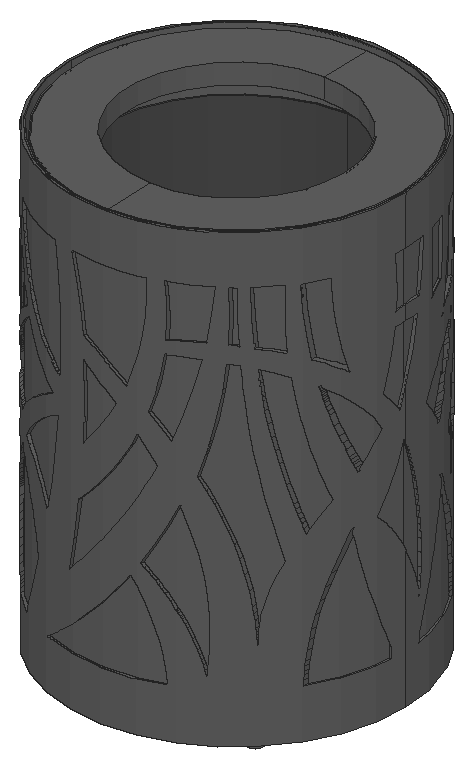
Revit family (continued)
Definition of nested family "Shell-Surface-SiteScapes-Circular-TallGrass_Large"
  Lines and regions (in)
    symbolic lines, style "Receptor Shell", detail levels medium+fine
      curve 270: arc (0, -6.06104, 24.55837) -> (0, -3.8002, 22.6978) -> (0, -1.95517, 20.42426) r 14.62877
      curve 271: spline (0, -1.95517, 20.42426) -> (0, -2.11046, 20.24852) -> (0, -2.26428, 20.07174) -> (0, -2.41664, 19.89391) -> (0, -2.5675, 19.71507) -> (0, -2.71686, 19.53523) -> (0, -2.86471, 19.3544) -> (0, -3.01102, 19.17261) -> (0, -3.15578, 18.98987) -> (0, -3.29899, 18.80619) -> (0, -3.44062, 18.62161) -> (0, -3.58066, 18.43613) -> (0, -3.71911, 18.24977)
      curve 272: arc (0, -1.95936, 22.78486) -> (0, -1.37803, 24.75465) -> (0, -1.01287, 26.77572) r 18.98605
      curve 273: arc (0, -0.59055, 21.1479) -> (0, 0.35791, 23.92515) -> (0, 1.0557, 26.77572) r 32.97728
      curve 274: arc (0, 1.0557, 26.77572) -> (0, 0.02142, 26.82495) -> (0, -1.01287, 26.77572) r 10.89015
      curve 275: arc (0, -1.95936, 22.78486) -> (0, -1.2525, 21.98516) -> (0, -0.59055, 21.1479) r 19.45801
      curve 276: arc (0, -10.74733, 5.87904) -> (0, -10.75212, 11.44733) -> (0, -11.47782, 16.96813) r 42.91636
      curve 277: arc (0, -12.20181, 12.699) -> (0, -11.3851, 9.3081) -> (0, -10.74733, 5.87904) r 66.48916
      curve 278: line (0, -12.20181, 12.699) -> (0, -11.47782, 16.96813)
      curve 279: arc (0, -6.86937, 4.95965) -> (0, -6.15229, 9.95509) -> (0, -4.13641, 14.58162) r 18.86312
      curve 280: arc (0, -4.13641, 14.58162) -> (0, -2.94646, 10.0312) -> (0, -1.21758, 5.65705) r 39.01519
      curve 281: line (0, -6.86937, 4.95965) -> (0, -1.21758, 4.95965)
      curve 282: line (0, -1.21758, 4.95965) -> (0, -1.21758, 5.65705)
      curve 283: arc (0, -0.17427, 19.09313) -> (0, -1.19121, 16.90543) -> (0, -2.41098, 14.824) r 25.41871
      curve 284: arc (0, -2.41098, 14.824) -> (0, -0.07161, 11.6856) -> (0, 1.25818, 8.00404) r 13.36522
      curve 285: arc (0, 1.25818, 8.00404) -> (0, 1.27432, 13.64319) -> (0, -0.17427, 19.09313) r 21.53165
      curve 286: arc (0, 1.95521, 20.42412) -> (0, 3.80357, 22.69439) -> (0, 6.06104, 24.55837) r 14.86458
      curve 287: arc (0, 3.71934, 18.24961) -> (0, 5.0809, 21.3332) -> (0, 6.06104, 24.55837) r 27.92765
      curve 288: spline (0, 3.71934, 18.24961) -> (0, 3.58021, 18.43522) -> (0, 3.43959, 18.6201) -> (0, 3.29751, 18.80421) -> (0, 3.15398, 18.98754) -> (0, 3.00902, 19.17008) -> (0, 2.86263, 19.35181) -> (0, 2.71483, 19.53271) -> (0, 2.56564, 19.71275) -> (0, 2.41506, 19.89194) -> (0, 2.26313, 20.07024) -> (0, 2.10984, 20.24764) -> (0, 1.95521, 20.42412)
      curve 289: arc (0, 1.25893, 27.88637) -> (0, 1.52124, 29.75254) -> (0, 1.69191, 31.62931) r 38.49747
      curve 290: arc (0, -0.91472, 27.74932) -> (0, 0.16919, 27.86404) -> (0, 1.25893, 27.88637) r 12.83204
      curve 291: arc (0, -1.00234, 31.62931) -> (0, -0.86349, 29.69146) -> (0, -0.91472, 27.74932) r 19.85336
      curve 292: line (0, 1.69191, 31.62931) -> (0, -1.00234, 31.62931)
      curve 293: arc (0, 2.77538, 31.62931) -> (0, 2.78498, 29.32438) -> (0, 2.69348, 27.02123) r 52.54612
      curve 294: arc (0, 2.69348, 27.02123) -> (0, 3.33449, 27.33512) -> (0, 4.00843, 27.5701) r 5.95752
      curve 295: arc (0, 4.00843, 27.5701) -> (0, 4.12703, 29.59836) -> (0, 4.18288, 31.62931) r 65.71763
      curve 296: line (0, 4.18288, 31.62931) -> (0, 2.77538, 31.62931)
      curve 297: spline (0, 6.46054, 26.43639) -> (0, 6.27643, 26.33246) -> (0, 6.09204, 26.2252) -> (0, 5.90745, 26.11466) -> (0, 5.72275, 26.00088) -> (0, 5.53802, 25.88392) -> (0, 5.35333, 25.76383) -> (0, 5.16877, 25.64067) -> (0, 4.98443, 25.51448) -> (0, 4.80039, 25.38533) -> (0, 4.61672, 25.25327) -> (0, 4.43351, 25.11836) -> (0, 4.25085, 24.98067)
      curve 298: spline (0, 6.99892, 31.55464) -> (0, 6.98192, 31.12479) -> (0, 6.95983, 30.69528) -> (0, 6.93266, 30.26617) -> (0, 6.90041, 29.83756) -> (0, 6.86309, 29.40953) -> (0, 6.8207, 28.98215) -> (0, 6.77325, 28.55552) -> (0, 6.72076, 28.12971) -> (0, 6.66323, 27.70481) -> (0, 6.60068, 27.28091) -> (0, 6.53311, 26.85807) -> (0, 6.46054, 26.43639)
      curve 299: line (0, 6.99892, 31.55464) -> (0, 5.34819, 31.55464)
      curve 300: arc (0, 4.25085, 24.98067) -> (0, 5.05892, 28.22435) -> (0, 5.34819, 31.55464) r 21.24523
      curve 301: arc (0, 4.13641, 14.58162) -> (0, 6.18571, 9.96458) -> (0, 6.86937, 4.95965) r 17.97386
      curve 302: arc (0, 4.13641, 14.58162) -> (0, 2.91016, 10.04308) -> (0, 1.21758, 5.65705) r 45.04801
      curve 303: line (0, 1.21758, 5.65705) -> (0, 1.21758, 4.95965)
      curve 304: line (0, 1.21758, 4.95965) -> (0, 6.86937, 4.95965)
      curve 305: spline (0, 6.71796, 14.93193) -> (0, 6.61204, 15.10021) -> (0, 6.50321, 15.26662) -> (0, 6.3915, 15.4311) -> (0, 6.27692, 15.59361) -> (0, 6.15952, 15.75412) -> (0, 6.03933, 15.91257) -> (0, 5.91638, 16.06892) -> (0, 5.7907, 16.22313) -> (0, 5.66232, 16.37516) -> (0, 5.5313, 16.52497) -> (0, 5.39765, 16.67251) -> (0, 5.26141, 16.81774)
      curve 306: spline (0, 7.47368, 25.44555) -> (0, 7.60349, 25.51753) -> (0, 7.73255, 25.58773) -> (0, 7.86082, 25.65613) -> (0, 7.98829, 25.72272) -> (0, 8.1149, 25.78747) -> (0, 8.24062, 25.85037) -> (0, 8.36542, 25.91139) -> (0, 8.48927, 25.97053) -> (0, 8.61212, 26.02777) -> (0, 8.73395, 26.08309) -> (0, 8.85473, 26.13647) -> (0, 8.97441, 26.1879)
      curve 307: arc (0, 7.47368, 25.44555) -> (0, 6.6837, 21.05058) -> (0, 5.26141, 16.81774) r 30.54694
      curve 308: arc (0, 6.71796, 14.93193) -> (0, 8.22598, 20.48378) -> (0, 8.97441, 26.1879) r 42.7219
      curve 309: spline (0, 7.63204, 27.02125) -> (0, 7.66067, 27.40403) -> (0, 7.6857, 27.78722) -> (0, 7.70711, 28.17076) -> (0, 7.72491, 28.55458) -> (0, 7.7391, 28.93865) -> (0, 7.74966, 29.32291) -> (0, 7.75661, 29.7073) -> (0, 7.75994, 30.09176) -> (0, 7.75965, 30.47625) -> (0, 7.75573, 30.86071) -> (0, 7.7482, 31.24508) -> (0, 7.73705, 31.62931)
      curve 310: spline (0, 9.24761, 31.62931) -> (0, 9.24314, 31.29043) -> (0, 9.23703, 30.9516) -> (0, 9.22929, 30.61284) -> (0, 9.2199, 30.27417) -> (0, 9.20888, 29.93561) -> (0, 9.19622, 29.59717) -> (0, 9.18192, 29.25888) -> (0, 9.16598, 28.92074) -> (0, 9.14841, 28.58277) -> (0, 9.12921, 28.245) -> (0, 9.10837, 27.90744) -> (0, 9.0859, 27.5701)
      curve 311: spline (0, 9.0859, 27.5701) -> (0, 8.97103, 27.53406) -> (0, 8.85491, 27.49623) -> (0, 8.73756, 27.4566) -> (0, 8.61904, 27.41519) -> (0, 8.49935, 27.37201) -> (0, 8.37855, 27.32707) -> (0, 8.25665, 27.28038) -> (0, 8.1337, 27.23197) -> (0, 8.00973, 27.18183) -> (0, 7.88478, 27.12999) -> (0, 7.75887, 27.07646) -> (0, 7.63204, 27.02125)
      curve 312: line (0, 9.24761, 31.62931) -> (0, 7.73705, 31.62931)
      curve 313: spline (0, 9.6628, 27.7257) -> (0, 9.67313, 28.05072) -> (0, 9.68229, 28.37582) -> (0, 9.69028, 28.70099) -> (0, 9.6971, 29.02624) -> (0, 9.70275, 29.35154) -> (0, 9.70723, 29.67688) -> (0, 9.71054, 30.00226) -> (0, 9.71268, 30.32766) -> (0, 9.71365, 30.65308) -> (0, 9.71344, 30.9785) -> (0, 9.71206, 31.30392) -> (0, 9.70952, 31.62931)
      curve 314: spline (0, 10.02758, 31.62931) -> (0, 10.0188, 31.31073) -> (0, 10.01184, 30.99201) -> (0, 10.0067, 30.6732) -> (0, 10.00339, 30.35433) -> (0, 10.0019, 30.03541) -> (0, 10.00223, 29.71649) -> (0, 10.00439, 29.39758) -> (0, 10.00837, 29.07873) -> (0, 10.01418, 28.75995) -> (0, 10.0218, 28.44128) -> (0, 10.03125, 28.12275) -> (0, 10.04252, 27.80438)
      curve 315: spline (0, 10.04252, 27.80438) -> (0, 10.01181, 27.79771) -> (0, 9.98092, 27.79106) -> (0, 9.94987, 27.78443) -> (0, 9.91865, 27.77782) -> (0, 9.88726, 27.77124) -> (0, 9.85569, 27.76467) -> (0, 9.82396, 27.75812) -> (0, 9.79206, 27.7516) -> (0, 9.76, 27.74509) -> (0, 9.72776, 27.73861) -> (0, 9.69537, 27.73215) -> (0, 9.6628, 27.7257)
      curve 316: line (0, 10.02758, 31.62931) -> (0, 9.70952, 31.62931)
      curve 317: line (0, 8.96389, 7.95259) -> (0, 7.72565, 13.32288)
      curve 318: line (0, 10.10189, 26.59693) -> (0, 11.00591, 18.98416)
      curve 319: line (0, 9.60871, 26.43595) -> (0, 10.10189, 26.59693)
      curve 320: arc (0, 9.60871, 26.43595) -> (0, 9.00283, 19.83122) -> (0, 7.72565, 13.32288) r 64.86292
      curve 321: arc (0, 8.96389, 7.95259) -> (0, 9.65052, 13.53027) -> (0, 11.00591, 18.98416) r 46.43536
      curve 322: arc (0, 10.74733, 5.87904) -> (0, 11.38886, 9.3073) -> (0, 12.20181, 12.699) r 69.40148
      curve 323: arc (0, 11.47782, 16.96813) -> (0, 10.72901, 11.44886) -> (0, 10.74733, 5.87904) r 40.35322
      curve 324: arc (0, 12.32726, 11.75961) -> (0, 11.94897, 8.36678) -> (0, 11.73465, 4.95965) r 70.81149
      curve 325: arc (0, 12.32726, 11.75961) -> (0, 12.44416, 10.78943) -> (0, 12.5, 9.81383) r 15.57611
      curve 326: line (0, 11.73465, 4.95965) -> (0, 12.5, 4.95965)
      curve 327: arc (0, 11.92587, 19.32879) -> (0, 12.29073, 16.80567) -> (0, 12.5, 14.26491) r 41.5067
      curve 328: spline (0, 11.92587, 19.32879) -> (0, 11.9557, 19.4849) -> (0, 11.98504, 19.64011) -> (0, 12.01387, 19.7944) -> (0, 12.0422, 19.94777) -> (0, 12.07002, 20.1002) -> (0, 12.09733, 20.25167) -> (0, 12.12413, 20.40216) -> (0, 12.15041, 20.55166) -> (0, 12.17617, 20.70016) -> (0, 12.20141, 20.84763) -> (0, 12.22612, 20.99407) -> (0, 12.25031, 21.13945)
      curve 329: arc (0, 12.25031, 21.13945) -> (0, 12.42191, 19.49496) -> (0, 12.5, 17.84337) r 29.15095
      curve 330: spline (0, 10.86503, 26.77572) -> (0, 10.95726, 26.78969) -> (0, 11.04704, 26.80142) -> (0, 11.13434, 26.81089) -> (0, 11.21912, 26.81811) -> (0, 11.30137, 26.82307) -> (0, 11.38104, 26.82578) -> (0, 11.4581, 26.82622) -> (0, 11.53254, 26.8244) -> (0, 11.60431, 26.82031) -> (0, 11.6734, 26.81397) -> (0, 11.73977, 26.80538) -> (0, 11.80341, 26.79453)
      curve 331: spline (0, 12.09255, 22.78497) -> (0, 12.06013, 22.65347) -> (0, 12.02687, 22.52103) -> (0, 11.99277, 22.38767) -> (0, 11.95783, 22.25339) -> (0, 11.92206, 22.11822) -> (0, 11.88545, 21.98216) -> (0, 11.84802, 21.84522) -> (0, 11.80976, 21.70742) -> (0, 11.77068, 21.56878) -> (0, 11.73078, 21.4293) -> (0, 11.69007, 21.28901) -> (0, 11.64855, 21.1479)
      curve 332: spline (0, 11.80341, 26.79453) -> (0, 11.81912, 26.45306) -> (0, 11.83637, 26.11254) -> (0, 11.85517, 25.77308) -> (0, 11.87551, 25.43481) -> (0, 11.89737, 25.09784) -> (0, 11.92076, 24.76228) -> (0, 11.94566, 24.42825) -> (0, 11.97206, 24.09586) -> (0, 11.99996, 23.76523) -> (0, 12.02935, 23.43646) -> (0, 12.06022, 23.10967) -> (0, 12.09255, 22.78497)
      curve 333: line (0, 11.64855, 21.1479) -> (0, 10.86503, 26.77572)
      curve 334: spline (0, 11.80059, 31.62931) -> (0, 11.78787, 31.30762) -> (0, 11.777, 30.9853) -> (0, 11.76796, 30.66246) -> (0, 11.76076, 30.3392) -> (0, 11.75541, 30.01561) -> (0, 11.7519, 29.69178) -> (0, 11.75023, 29.36782) -> (0, 11.75042, 29.04383) -> (0, 11.75244, 28.71989) -> (0, 11.75632, 28.39611) -> (0, 11.76203, 28.07259) -> (0, 11.76959, 27.74942)
      curve 335: spline (0, 11.76959, 27.74942) -> (0, 11.70083, 27.77562) -> (0, 11.62895, 27.79916) -> (0, 11.55401, 27.82002) -> (0, 11.47602, 27.8382) -> (0, 11.39502, 27.85369) -> (0, 11.31105, 27.86647) -> (0, 11.22414, 27.87656) -> (0, 11.13433, 27.88393) -> (0, 11.04166, 27.8886) -> (0, 10.94617, 27.89055) -> (0, 10.8479, 27.88978) -> (0, 10.74689, 27.8863)
      curve 336: spline (0, 10.74689, 27.8863) -> (0, 10.71701, 28.1958) -> (0, 10.68848, 28.50584) -> (0, 10.66129, 28.81637) -> (0, 10.63545, 29.12738) -> (0, 10.61097, 29.43883) -> (0, 10.58784, 29.75071) -> (0, 10.56606, 30.06298) -> (0, 10.54564, 30.37562) -> (0, 10.52659, 30.6886) -> (0, 10.50889, 31.0019) -> (0, 10.49255, 31.31548) -> (0, 10.47758, 31.62931)
      curve 337: line (0, 11.80059, 31.62931) -> (0, 10.47758, 31.62931)
      curve 338: line (0, 12.37575, 24.15046) -> (0, 12.11865, 31.62931)
      curve 339: spline (0, 12.50161, 25.57552) -> (0, 12.50188, 25.46322) -> (0, 12.5002, 25.34969) -> (0, 12.49656, 25.23494) -> (0, 12.49095, 25.11898) -> (0, 12.48339, 25.00184) -> (0, 12.47387, 24.88354) -> (0, 12.46239, 24.7641) -> (0, 12.44896, 24.64354) -> (0, 12.43358, 24.52187) -> (0, 12.41625, 24.39912) -> (0, 12.39697, 24.27531) -> (0, 12.37575, 24.15046)
      curve 340: line (0, 12.5, 31.62931) -> (0, 12.11865, 31.62931)
  Dimensions and locks (in)
    locked: plane 4 "Top" to plane 2 "Bottom" at 35.25
    locked: plane 5 "Pattern Top" to plane 2 "Bottom" at 31.60549
    equal spacing: plane 10 "Left", plane 3 "Center (Left/Right)", plane 9 "Right"
    "Diameter": plane 10 "Left" to plane 9 "Right"
    equal spacing: plane 7 "Front", plane 1 "Center (Front/Back)", plane 8 "Back"
    "Diameter": plane 7 "Front" to plane 8 "Back"
    locked: plane 6 "Frame Bottom" to plane 2 "Bottom" at 1.25
    locked: plane 11 "Pattern Bottom" to plane 2 "Bottom" at 4.95965
    locked: Revolve 6 sketch curve to Revolve 6 sketch curve at 0.1875
    locked: plane 6 "Frame Bottom" to Revolve 6 sketch curve at 1
    equal spacing: plane 15 "Bar Front Offset", plane 1 "Center (Front/Back)", plane 14 "Bar Back Offset"
    locked: plane 15 "Bar Front Offset" to plane 14 "Bar Back Offset" at 1
    equal spacing: plane 13 "Bar Left Offset", plane 3 "Center (Left/Right)", plane 12 "Bar Right Offset"
    locked: plane 13 "Bar Left Offset" to plane 12 "Bar Right Offset" at 1
    locked: plane 16 "Support Top" to plane 6 "Frame Bottom" at 0.75
    locked: plane 17 "feet Top" to plane 2 "Bottom" at 0.25
    radius of Extrusion 1 sketch curve = 1' - 0 5/16"
    radius of Extrusion 1 sketch curve = 1' - 0 1/2"
    aligned and locked: plane 2 "Bottom" to level
    aligned: Extrusion 1 to plane 2 "Bottom"
    aligned: plane 4 "Top" to Extrusion 1
    aligned and locked: Masking region 3 sketch curve to plane 7 "Front"
    aligned and locked: Masking region 3 sketch curve to plane 8 "Back"
    aligned and locked: Masking region 3 sketch curve to plane 4 "Top"
    aligned and locked: plane 3 "Center (Left/Right)" to Extrusion 1 sketch curve
    aligned and locked: plane 1 "Center (Front/Back)" to Extrusion 1 sketch curve
    aligned and locked: plane 10 "Left" to Masking region 1 sketch curve
    aligned and locked: Masking region 1 sketch curve to plane 9 "Right"
    aligned and locked: Masking region 1 sketch curve to plane 4 "Top"
    aligned and locked: plane 4 "Top" to Extrusion 1
    aligned and locked: Extrusion 1 to plane 6 "Frame Bottom"
    aligned and locked: Revolve 6 sketch curve to plane 6 "Frame Bottom"
    aligned and locked: plane 3 "Center (Left/Right)" to Revolve 6 sketch curve
    aligned and locked: Extrusion 7 sketch curve to plane 14 "Bar Back Offset"  (x2)
    aligned and locked: Extrusion 7 sketch curve to plane 15 "Bar Front Offset"  (x2)
    aligned and locked: Extrusion 7 sketch curve to plane 12 "Bar Right Offset"  (x2)
    aligned and locked: Extrusion 7 sketch curve to plane 13 "Bar Left Offset"  (x2)
    aligned and locked: Extrusion 7 sketch curve to cut or joined group of Extrusion 1, Extrusion 2, Extrusion 3, Extrusion 4, Extrusion 5  (x4)
    aligned and locked: Extrusion 7 to plane 6 "Frame Bottom"
    aligned and locked: plane 16 "Support Top" to Extrusion 7
    aligned and locked: Extrusion 8 to plane 2 "Bottom"
    aligned and locked: plane 17 "feet Top" to Extrusion 8
    aligned and locked: curve 1 to cut or joined group of Extrusion 1, Extrusion 2, Extrusion 3, Extrusion 4, Extrusion 5
    aligned and locked: curve 2 to cut or joined group of Extrusion 1, Extrusion 2, Extrusion 3, Extrusion 4, Extrusion 5
    aligned and locked: curve 3 to cut or joined group of Extrusion 1, Extrusion 2, Extrusion 3, Extrusion 4, Extrusion 5
    aligned and locked: curve 4 to cut or joined group of Extrusion 1, Extrusion 2, Extrusion 3, Extrusion 4, Extrusion 5
    aligned and locked: plane 4 "Top" to curve 6
    aligned and locked: plane 4 "Top" to curve 5
    aligned and locked: plane 6 "Frame Bottom" to curve 6
    aligned and locked: plane 9 "Right" to curve 6
    aligned and locked: plane 10 "Left" to curve 5
    aligned and locked: plane 4 "Top" to curve 7
    aligned and locked: plane 4 "Top" to curve 8
    aligned and locked: plane 6 "Frame Bottom" to curve 8
    aligned and locked: curve 7 to plane 7 "Front"
    aligned and locked: curve 8 to plane 8 "Back"
    aligned and locked: curve 9 to Revolve 6
    aligned and locked: curve 10 to Revolve 6
    aligned and locked: curve 11 to Revolve 6
    aligned and locked: curve 12 to Revolve 6
    aligned and locked: cut or joined group of Extrusion 1, Extrusion 2, Extrusion 3, Extrusion 4, Extrusion 5 to curve 13
    aligned and locked: curve 14 to cut or joined group of Extrusion 1, Extrusion 2, Extrusion 3, Extrusion 4, Extrusion 5
    aligned and locked: plane 6 "Frame Bottom" to Masking region 1 sketch curve  (x2)
    aligned and locked: Masking region 1 sketch curve to plane 17 "feet Top"
    aligned and locked: Revolve 6 to Masking region 1 sketch curve  (x2)
    aligned and locked: Masking region 1 sketch curve to plane 2 "Bottom"
    aligned and locked: curve 18 to cut or joined group of Extrusion 1, Extrusion 2, Extrusion 3, Extrusion 4, Extrusion 5
    aligned and locked: curve 19 to Revolve 6
    aligned and locked: Masking region 3 sketch curve to plane 6 "Frame Bottom"
    aligned and locked: Masking region 3 sketch curve to plane 17 "feet Top"
    aligned and locked: Masking region 3 sketch curve to plane 2 "Bottom"
    aligned and locked: curve 197 to cut or joined group of Extrusion 1, Extrusion 2, Extrusion 3, Extrusion 4, Extrusion 5
    aligned and locked: curve 198 to Revolve 6
    aligned and locked: curve 199 to Revolve 6
    aligned and locked: Extrusion 9 sketch curve to cut or joined group of Extrusion 1, Extrusion 2, Extrusion 3, Extrusion 4, Extrusion 5  (x2)
    aligned and locked: plane 4 "Top" to Extrusion 9
    aligned and locked: Extrusion 9 to plane 6 "Frame Bottom"
  Automatic sketch dimensions
    Extrusion 1 sketch curve to Extrusion 1 sketch curve = 0' - 0"  (x2)
    Extrusion 2 sketch curve to plane 11 "Pattern Bottom" = 0' - 0"  (x3)
    Extrusion 2 sketch curve to plane 5 "Pattern Top" = 0' - 0"
    plane 4 "Top" to Extrusion 2 sketch curve = 3' - 11.17456"
    Extrusion 2 sketch curve to plane 10 "Left" = 27' - 2.49479"
    Extrusion 2 sketch curve to plane 5 "Pattern Top" = 0' - 0.32437"
    Extrusion 2 sketch curve to plane 10 "Left" = 5' - 0.33836"
    Extrusion 2 sketch curve to Extrusion 2 sketch curve = 1' - 1.15521"
    Extrusion 2 sketch curve to Extrusion 2 sketch curve = 0' - 2.25285"
    Extrusion 2 sketch curve to Extrusion 2 sketch curve = 0' - 5.79819"
    Extrusion 2 sketch curve to Extrusion 2 sketch curve = 0' - 2.33982"
    plane 11 "Pattern Bottom" to Extrusion 2 sketch curve = 0' - 10.19971"
    Extrusion 2 sketch curve to Extrusion 2 sketch curve = 1' - 1.40829"
    Extrusion 2 sketch curve to plane 5 "Pattern Top" = 0' - 1.67053"
    Extrusion 2 sketch curve to Extrusion 2 sketch curve = 0' - 1.85508"
    Extrusion 2 sketch curve to plane 4 "Top" = 0' - 1.0736"
    Extrusion 2 sketch curve to Extrusion 2 sketch curve = 0' - 2.4327"
    Extrusion 2 sketch curve to Extrusion 2 sketch curve = 0' - 4.87172"
    Extrusion 2 sketch curve to plane 5 "Pattern Top" = 0' - 2.22713"
    Extrusion 2 sketch curve to Extrusion 2 sketch curve = 0' - 0.87631"
    plane 5 "Pattern Top" to Extrusion 2 sketch curve = 0' - 1.57818"
    Extrusion 2 sketch curve to Extrusion 2 sketch curve = 0' - 2.11287"
    Extrusion 2 sketch curve to plane 10 "Left" = 0' - 6.08185"
    Extrusion 2 sketch curve to plane 10 "Left" = 0' - 3.08679"
    Extrusion 2 sketch curve to Extrusion 2 sketch curve = 0' - 0.86517"
    Extrusion 2 sketch curve to plane 10 "Left" = 0' - 1.54992"
    Extrusion 2 sketch curve to Extrusion 2 sketch curve = 0' - 0.05325"
    Extrusion 2 sketch curve to plane 10 "Left" = 0' - 0.86813"
    Extrusion 2 sketch curve to plane 10 "Left" = 0' - 0.72514"
    Extrusion 2 sketch curve to plane 10 "Left" = 0' - 0.30425"
    plane 10 "Left" to Extrusion 2 sketch curve = 0' - 0.20583"
    plane 10 "Left" to Extrusion 2 sketch curve = 0' - 0.83645"
    Extrusion 2 sketch curve to Extrusion 2 sketch curve = 0' - 0.93544"
    plane 10 "Left" to Extrusion 2 sketch curve = 0' - 1.32621"
    Extrusion 2 sketch curve to Extrusion 2 sketch curve = 0' - 0.00023"
    Extrusion 2 sketch curve to Extrusion 2 sketch curve = 0' - 0.01837"
    Extrusion 2 sketch curve to plane 5 "Pattern Top" = 0' - 0.51592"
    Extrusion 2 sketch curve to Extrusion 2 sketch curve = 0' - 0.01882"
    Extrusion 2 sketch curve to Extrusion 2 sketch curve = 0' - 0.03732"
    plane 5 "Pattern Top" to Extrusion 2 sketch curve = 0' - 0.02382"  (x5)
    Extrusion 2 sketch curve to Extrusion 2 sketch curve = 0' - 0.03779"
    Extrusion 2 sketch curve to Extrusion 2 sketch curve = 0' - 0.0521"
    Extrusion 2 sketch curve to Extrusion 2 sketch curve = 0' - 0.06944"
    Extrusion 2 sketch curve to Extrusion 2 sketch curve = 0' - 0.08752"
    Extrusion 2 sketch curve to Extrusion 2 sketch curve = 0' - 0.06044"
    Extrusion 2 sketch curve to Extrusion 2 sketch curve = 0' - 0.06463"
    Extrusion 2 sketch curve to Extrusion 2 sketch curve = 0' - 0.07018"
    plane 10 "Left" to Extrusion 2 sketch curve = 0' - 1.86251"
    Extrusion 2 sketch curve to Extrusion 2 sketch curve = 0' - 0.08843"
    Extrusion 2 sketch curve to Extrusion 2 sketch curve = 0' - 0.01213"
    Extrusion 2 sketch curve to Extrusion 2 sketch curve = 0' - 0.04128"
    plane 10 "Left" to Extrusion 2 sketch curve = 0' - 1.92749"
    Extrusion 2 sketch curve to Extrusion 2 sketch curve = 0' - 0.09938"  (x2)
    Extrusion 2 sketch curve to Extrusion 2 sketch curve = 0' - 0.09428"
    Extrusion 2 sketch curve to Extrusion 2 sketch curve = 0' - 0.09907"
    Extrusion 2 sketch curve to Extrusion 2 sketch curve = 0' - 0.02808"
    Extrusion 2 sketch curve to Extrusion 2 sketch curve = 0' - 0.08129"
    Extrusion 2 sketch curve to Extrusion 2 sketch curve = 0' - 0.39345"
    Extrusion 2 sketch curve to Extrusion 2 sketch curve = 0' - 0.02632"
    Extrusion 2 sketch curve to Extrusion 2 sketch curve = 0' - 0.02452"
    Extrusion 2 sketch curve to Extrusion 2 sketch curve = 0' - 0.09017"
    Extrusion 2 sketch curve to Extrusion 2 sketch curve = 0' - 0.0236"
    Extrusion 2 sketch curve to Extrusion 2 sketch curve = 0' - 0.08408"
    Extrusion 2 sketch curve to Extrusion 2 sketch curve = 0' - 0.25465"
    Extrusion 2 sketch curve to Extrusion 2 sketch curve = 0' - 0.21267"
    Extrusion 2 sketch curve to Extrusion 2 sketch curve = 0' - 0.03007"
    Extrusion 2 sketch curve to Extrusion 2 sketch curve = 0' - 0.03167"
    Extrusion 2 sketch curve to Extrusion 2 sketch curve = 0' - 0.08061"
    Extrusion 2 sketch curve to Extrusion 2 sketch curve = 0' - 0.09073"
    Extrusion 2 sketch curve to Extrusion 2 sketch curve = 0' - 0.80641"
    Extrusion 2 sketch curve to Extrusion 2 sketch curve = 0' - 0.08645"
    Extrusion 2 sketch curve to Extrusion 2 sketch curve = 0' - 0.2271"
    Extrusion 2 sketch curve to Extrusion 2 sketch curve = 0' - 0.13698"
    Extrusion 2 sketch curve to Extrusion 2 sketch curve = 0' - 0.09782"
    Extrusion 2 sketch curve to Extrusion 2 sketch curve = 0' - 1.53547"
    Extrusion 2 sketch curve to Extrusion 2 sketch curve = 0' - 0.24478"
    Extrusion 2 sketch curve to Extrusion 2 sketch curve = 0' - 0.26817"
    Extrusion 2 sketch curve to Extrusion 2 sketch curve = 0' - 0.06269"
    Extrusion 2 sketch curve to Extrusion 2 sketch curve = 0' - 0.23422"
    Extrusion 2 sketch curve to Extrusion 2 sketch curve = 0' - 0.22276"
    Extrusion 2 sketch curve to Extrusion 2 sketch curve = 0' - 0.10092"
    Extrusion 2 sketch curve to Extrusion 2 sketch curve = 0' - 0.16473"
    Extrusion 2 sketch curve to Extrusion 2 sketch curve = 0' - 0.1126"
    Extrusion 2 sketch curve to Extrusion 2 sketch curve = 0' - 0.05363"
    Extrusion 2 sketch curve to Extrusion 2 sketch curve = 0' - 0.04428"
    Extrusion 2 sketch curve to Extrusion 2 sketch curve = 0' - 0.09581"  (x2)
    Extrusion 2 sketch curve to Extrusion 2 sketch curve = 0' - 0.05006"
    Extrusion 2 sketch curve to Extrusion 2 sketch curve = 0' - 0.1033"
    Extrusion 2 sketch curve to Extrusion 2 sketch curve = 0' - 0.49222"
    Extrusion 2 sketch curve to Extrusion 2 sketch curve = 0' - 0.05653"
    Extrusion 2 sketch curve to Extrusion 2 sketch curve = 0' - 0.7769"
    Extrusion 2 sketch curve to Extrusion 2 sketch curve = 0' - 0.10114"
    Extrusion 2 sketch curve to Extrusion 2 sketch curve = 0' - 0.27956"
    Extrusion 2 sketch curve to Extrusion 2 sketch curve = 0' - 0.28114"
    Extrusion 2 sketch curve to Extrusion 2 sketch curve = 0' - 0.09336"
    Extrusion 2 sketch curve to Extrusion 2 sketch curve = 0' - 0.23582"
    Extrusion 2 sketch curve to Extrusion 2 sketch curve = 0' - 0.4524"
    Extrusion 2 sketch curve to plane 5 "Pattern Top" = 0' - 1.10746"
    Extrusion 2 sketch curve to Extrusion 2 sketch curve = 0' - 0.12925"
    Extrusion 2 sketch curve to Extrusion 2 sketch curve = 0' - 0.09358"
    Extrusion 2 sketch curve to Extrusion 2 sketch curve = 0' - 0.80773"
    Extrusion 2 sketch curve to plane 5 "Pattern Top" = 0' - 0.76664"
    Extrusion 2 sketch curve to Extrusion 2 sketch curve = 0' - 0.10163"
    Extrusion 2 sketch curve to Extrusion 2 sketch curve = 0' - 0.09027"
    Extrusion 2 sketch curve to Extrusion 2 sketch curve = 0' - 0.20479"
    Extrusion 2 sketch curve to Extrusion 2 sketch curve = 0' - 0.20739"
    Extrusion 2 sketch curve to Extrusion 2 sketch curve = 0' - 0.13458"
    Extrusion 2 sketch curve to Extrusion 2 sketch curve = 0' - 0.08557"
    Extrusion 2 sketch curve to Extrusion 2 sketch curve = 0' - 0.34697"
    Extrusion 2 sketch curve to Extrusion 2 sketch curve = 0' - 0.29355"
    Extrusion 2 sketch curve to plane 5 "Pattern Top" = 0' - 0.38954"
    Extrusion 2 sketch curve to Extrusion 2 sketch curve = 0' - 0.11793"
    Extrusion 2 sketch curve to Extrusion 2 sketch curve = 0' - 0.08048"
    Extrusion 2 sketch curve to Extrusion 2 sketch curve = 0' - 0.29768"
    Extrusion 2 sketch curve to Extrusion 2 sketch curve = 0' - 0.14224"  (x2)
    Extrusion 2 sketch curve to Extrusion 2 sketch curve = 0' - 0.84052"
    Extrusion 2 sketch curve to Extrusion 2 sketch curve = 0' - 0.22454"
    Extrusion 2 sketch curve to Extrusion 2 sketch curve = 0' - 0.20087"
    Extrusion 2 sketch curve to Extrusion 2 sketch curve = 0' - 0.07705"
    Extrusion 2 sketch curve to Extrusion 2 sketch curve = 0' - 0.13497"
    Extrusion 2 sketch curve to Extrusion 2 sketch curve = 0' - 0.20105"
    Extrusion 2 sketch curve to Extrusion 2 sketch curve = 0' - 0.07121"
    Extrusion 2 sketch curve to Extrusion 2 sketch curve = 0' - 0.09032"
    plane 11 "Pattern Bottom" to Extrusion 2 sketch curve = 0' - 1.20688"
    Extrusion 2 sketch curve to Extrusion 2 sketch curve = 0' - 0.06625"
    Extrusion 2 sketch curve to Extrusion 2 sketch curve = 0' - 0.07892"
    plane 11 "Pattern Bottom" to Extrusion 2 sketch curve = 0' - 0.96676"
    Extrusion 2 sketch curve to Extrusion 2 sketch curve = 0' - 0.02833"
    Extrusion 2 sketch curve to Extrusion 2 sketch curve = 0' - 0.1931"
    plane 11 "Pattern Bottom" to Extrusion 2 sketch curve = 0' - 0.74603"
    Extrusion 2 sketch curve to Extrusion 2 sketch curve = 0' - 0.02465"
    Extrusion 2 sketch curve to Extrusion 2 sketch curve = 0' - 0.25961"
    plane 11 "Pattern Bottom" to Extrusion 2 sketch curve = 0' - 0.54422"
    Extrusion 2 sketch curve to Extrusion 2 sketch curve = 0' - 0.02109"
    Extrusion 2 sketch curve to Extrusion 2 sketch curve = 0' - 0.3826"
    Extrusion 2 sketch curve to Extrusion 2 sketch curve = 0' - 0.7795"
    plane 11 "Pattern Bottom" to Extrusion 2 sketch curve = 0' - 0.29555"
    Extrusion 2 sketch curve to Extrusion 2 sketch curve = 0' - 0.0248"
    Extrusion 2 sketch curve to Extrusion 2 sketch curve = 0' - 0.09184"
    Extrusion 2 sketch curve to Extrusion 2 sketch curve = 0' - 0.32286"
    Extrusion 2 sketch curve to Extrusion 2 sketch curve = 0' - 0.02854"
    Extrusion 2 sketch curve to Extrusion 2 sketch curve = 0' - 0.20218"
    Extrusion 2 sketch curve to Extrusion 2 sketch curve = 0' - 0.11869"
    Extrusion 2 sketch curve to Extrusion 2 sketch curve = 0' - 0.20286"
    Extrusion 2 sketch curve to Extrusion 2 sketch curve = 0' - 0.28434"
    Extrusion 2 sketch curve to plane 5 "Pattern Top" = 0' - 1.13863"
    Extrusion 2 sketch curve to Extrusion 2 sketch curve = 0' - 0.76604"
    Extrusion 2 sketch curve to Extrusion 2 sketch curve = 0' - 0.31128"
    Extrusion 2 sketch curve to plane 5 "Pattern Top" = 0' - 1.38955"
    Extrusion 2 sketch curve to Extrusion 2 sketch curve = 0' - 0.04247"
    Extrusion 2 sketch curve to Extrusion 2 sketch curve = 0' - 0.11997"
    Extrusion 2 sketch curve to plane 5 "Pattern Top" = 0' - 1.60309"
    Extrusion 2 sketch curve to Extrusion 2 sketch curve = 0' - 0.03756"
    Extrusion 2 sketch curve to Extrusion 2 sketch curve = 0' - 0.37454"
    Extrusion 2 sketch curve to plane 5 "Pattern Top" = 0' - 1.77925"
    Extrusion 2 sketch curve to Extrusion 2 sketch curve = 0' - 0.03258"
    Extrusion 2 sketch curve to Extrusion 2 sketch curve = 0' - 0.03802"
    Extrusion 2 sketch curve to Extrusion 2 sketch curve = 0' - 0.12037"
    Extrusion 2 sketch curve to Extrusion 2 sketch curve = 0' - 0.043"
    Extrusion 2 sketch curve to Extrusion 2 sketch curve = 0' - 0.31179"
    Extrusion 2 sketch curve to Extrusion 2 sketch curve = 0' - 0.10951"
    Extrusion 2 sketch curve to Extrusion 2 sketch curve = 0' - 0.15264"
    Extrusion 2 sketch curve to Extrusion 2 sketch curve = 0' - 0.33172"
    Extrusion 2 sketch curve to Extrusion 2 sketch curve = 0' - 0.11198"
    Extrusion 2 sketch curve to Extrusion 2 sketch curve = 0' - 0.94808"
    Extrusion 2 sketch curve to Extrusion 2 sketch curve = 0' - 0.40378"
    Extrusion 2 sketch curve to Extrusion 2 sketch curve = 0' - 0.17453"
    Extrusion 2 sketch curve to Extrusion 2 sketch curve = 0' - 0.13058"
    Extrusion 2 sketch curve to plane 5 "Pattern Top" = 0' - 0.77271"
    Extrusion 2 sketch curve to Extrusion 2 sketch curve = 0' - 0.56223"
    Extrusion 2 sketch curve to Extrusion 2 sketch curve = 0' - 0.34064"
    Extrusion 2 sketch curve to Extrusion 2 sketch curve = 0' - 0.3531"
    Extrusion 2 sketch curve to Extrusion 2 sketch curve = 0' - 0.19829"
    Extrusion 2 sketch curve to Extrusion 2 sketch curve = 0' - 0.10481"
    Extrusion 2 sketch curve to plane 5 "Pattern Top" = 0' - 1.52724"
    Extrusion 2 sketch curve to Extrusion 2 sketch curve = 0' - 0.64134"
    Extrusion 2 sketch curve to Extrusion 2 sketch curve = 0' - 0.08616"
    Extrusion 2 sketch curve to Extrusion 2 sketch curve = 0' - 0.06819"
    Extrusion 2 sketch curve to Extrusion 2 sketch curve = 0' - 0.17386"
    Extrusion 2 sketch curve to plane 5 "Pattern Top" = 0' - 2.26359"
    Extrusion 2 sketch curve to Extrusion 2 sketch curve = 0' - 0.71999"
    Extrusion 2 sketch curve to Extrusion 2 sketch curve = 0' - 0.22191"
    Extrusion 2 sketch curve to Extrusion 2 sketch curve = 0' - 0.43382"
    Extrusion 2 sketch curve to Extrusion 2 sketch curve = 0' - 0.0824"
    Extrusion 2 sketch curve to Extrusion 2 sketch curve = 0' - 0.42482"
    Extrusion 2 sketch curve to Extrusion 2 sketch curve = 0' - 0.17811"
    Extrusion 2 sketch curve to Extrusion 2 sketch curve = 0' - 0.13506"
    Extrusion 2 sketch curve to Extrusion 2 sketch curve = 0' - 0.14393"
    Extrusion 2 sketch curve to Extrusion 2 sketch curve = 0' - 0.22685"
    Extrusion 2 sketch curve to Extrusion 2 sketch curve = 0' - 0.15508"
    Extrusion 2 sketch curve to Extrusion 2 sketch curve = 0' - 0.14361"
    Extrusion 2 sketch curve to Extrusion 2 sketch curve = 0' - 0.14028"
    Extrusion 2 sketch curve to Extrusion 2 sketch curve = 0' - 0.0943"
    Extrusion 2 sketch curve to Extrusion 2 sketch curve = 0' - 0.13641"
    Extrusion 2 sketch curve to Extrusion 2 sketch curve = 0' - 0.18475"
    Extrusion 2 sketch curve to Extrusion 2 sketch curve = 0' - 0.08263"
    Extrusion 2 sketch curve to Extrusion 2 sketch curve = 0' - 0.26308"
    Extrusion 2 sketch curve to Extrusion 2 sketch curve = 0' - 0.35871"
    Extrusion 2 sketch curve to Extrusion 2 sketch curve = 0' - 0.45342"
    Extrusion 2 sketch curve to Extrusion 2 sketch curve = 0' - 0.90723"
    Extrusion 2 sketch curve to Extrusion 2 sketch curve = 0' - 1.70488"
    Extrusion 2 sketch curve to Extrusion 2 sketch curve = 0' - 0.10014"
    Extrusion 2 sketch curve to Extrusion 2 sketch curve = 0' - 0.12208"
    Extrusion 2 sketch curve to Extrusion 2 sketch curve = 0' - 0.29756"
    Extrusion 2 sketch curve to Extrusion 2 sketch curve = 0' - 0.30105"
    Extrusion 2 sketch curve to Extrusion 2 sketch curve = 0' - 0.48241"
    Extrusion 2 sketch curve to Extrusion 2 sketch curve = 0' - 0.29102"
    Extrusion 2 sketch curve to Extrusion 2 sketch curve = 0' - 0.27794"
    Extrusion 2 sketch curve to Extrusion 2 sketch curve = 0' - 0.34084"
    Extrusion 2 sketch curve to Extrusion 2 sketch curve = 0' - 0.25573"
    Extrusion 2 sketch curve to Extrusion 2 sketch curve = 0' - 0.33088"
    Extrusion 2 sketch curve to Extrusion 2 sketch curve = 0' - 0.51163"
    Extrusion 2 sketch curve to Extrusion 2 sketch curve = 0' - 0.24677"
    Extrusion 2 sketch curve to Extrusion 2 sketch curve = 0' - 0.21474"
    Extrusion 2 sketch curve to Extrusion 2 sketch curve = 0' - 0.36023"
    Extrusion 2 sketch curve to Extrusion 2 sketch curve = 0' - 0.40752"
    Extrusion 2 sketch curve to Extrusion 2 sketch curve = 0' - 0.18331"
    Extrusion 2 sketch curve to Extrusion 2 sketch curve = 0' - 0.15088"
    plane 11 "Pattern Bottom" to Extrusion 2 sketch curve = 0' - 4.60785"
    Extrusion 2 sketch curve to Extrusion 2 sketch curve = 0' - 0.39051"
    Extrusion 2 sketch curve to Extrusion 2 sketch curve = 0' - 0.42404"
    Extrusion 2 sketch curve to Extrusion 2 sketch curve = 0' - 0.42163"
    Extrusion 2 sketch curve to Extrusion 2 sketch curve = 0' - 0.44254"
    Extrusion 2 sketch curve to Extrusion 2 sketch curve = 0' - 0.21426"
    Extrusion 2 sketch curve to Extrusion 2 sketch curve = 0' - 0 65/128"
    Extrusion 2 sketch curve to Extrusion 2 sketch curve = 0' - 2.63841"
    Extrusion 2 sketch curve to Extrusion 2 sketch curve = 0' - 0.21525"
    Extrusion 2 sketch curve to Extrusion 2 sketch curve = 0' - 1.96896"
    Extrusion 2 sketch curve to Extrusion 2 sketch curve = 0' - 0.184"
    plane 11 "Pattern Bottom" to Extrusion 2 sketch curve = 0' - 0.23715"
    Extrusion 2 sketch curve to Extrusion 2 sketch curve = 0' - 0.31351"
    Extrusion 2 sketch curve to Extrusion 2 sketch curve = 0' - 0.22038"
    Extrusion 2 sketch curve to Extrusion 2 sketch curve = 0' - 0.54432"
    plane 11 "Pattern Bottom" to Extrusion 2 sketch curve = 0' - 0.45186"
    Extrusion 2 sketch curve to Extrusion 2 sketch curve = 0' - 0.28142"
    Extrusion 2 sketch curve to Extrusion 2 sketch curve = 0' - 0.17856"
    Extrusion 2 sketch curve to Extrusion 2 sketch curve = 0' - 0.26728"
    plane 11 "Pattern Bottom" to Extrusion 2 sketch curve = 0' - 0.64413"
    Extrusion 2 sketch curve to Extrusion 2 sketch curve = 0' - 0.24824"
    Extrusion 2 sketch curve to Extrusion 2 sketch curve = 0' - 0.18069"
    Extrusion 2 sketch curve to plane 3 "Center (Left/Right)" = 0' - 3.85894"
    Extrusion 2 sketch curve to Extrusion 2 sketch curve = 0' - 0.15562"
    plane 11 "Pattern Bottom" to Extrusion 2 sketch curve = 0' - 0.84618"
    Extrusion 2 sketch curve to Extrusion 2 sketch curve = 0' - 0.25511"
    Extrusion 2 sketch curve to Extrusion 2 sketch curve = 0' - 0.1855"
    Extrusion 2 sketch curve to Extrusion 2 sketch curve = 0' - 0.56698"
    plane 11 "Pattern Bottom" to Extrusion 2 sketch curve = 0' - 1.06732"
    Extrusion 2 sketch curve to Extrusion 2 sketch curve = 0' - 0.27422"
    Extrusion 2 sketch curve to Extrusion 2 sketch curve = 0' - 0.22382"
    plane 11 "Pattern Bottom" to Extrusion 2 sketch curve = 0' - 1.29022"
    Extrusion 2 sketch curve to Extrusion 2 sketch curve = 0' - 0.27125"
    Extrusion 2 sketch curve to plane 3 "Center (Left/Right)" = 0' - 2.55193"
    Extrusion 2 sketch curve to Extrusion 2 sketch curve = 0' - 0.68459"
    Extrusion 2 sketch curve to Extrusion 2 sketch curve = 0' - 1.53851"
    Extrusion 2 sketch curve to Extrusion 2 sketch curve = 0' - 0.2708"
    Extrusion 2 sketch curve to Extrusion 2 sketch curve = 0' - 0.24718"
    Extrusion 2 sketch curve to Extrusion 2 sketch curve = 0' - 0.2232"
    Extrusion 2 sketch curve to Extrusion 2 sketch curve = 0' - 0.67529"
    Extrusion 2 sketch curve to plane 3 "Center (Left/Right)" = 0' - 1.71896"
    Extrusion 2 sketch curve to Extrusion 2 sketch curve = 0' - 0.1996"
    Extrusion 2 sketch curve to Extrusion 2 sketch curve = 0' - 0.26187"
    Extrusion 2 sketch curve to plane 3 "Center (Left/Right)" = 0' - 1.38315"
    Extrusion 2 sketch curve to Extrusion 2 sketch curve = 0' - 0.23257"
    Extrusion 2 sketch curve to plane 3 "Center (Left/Right)" = 0' - 1.36122"
    Extrusion 2 sketch curve to plane 3 "Center (Left/Right)" = 0' - 1.36112"
    Extrusion 2 sketch curve to Extrusion 2 sketch curve = 0' - 0.22209"
    Extrusion 2 sketch curve to Extrusion 2 sketch curve = 0' - 0.66108"
    Extrusion 2 sketch curve to Extrusion 2 sketch curve = 0' - 0.191"
    Extrusion 2 sketch curve to Extrusion 2 sketch curve = 0' - 0.44629"
    Extrusion 2 sketch curve to Extrusion 2 sketch curve = 0' - 0.21895"
    Extrusion 2 sketch curve to Extrusion 2 sketch curve = 0' - 0.21431"
    Extrusion 2 sketch curve to plane 3 "Center (Left/Right)" = 0' - 0.54348"
    Extrusion 2 sketch curve to plane 3 "Center (Left/Right)" = 0' - 0.4971"
    Extrusion 2 sketch curve to plane 3 "Center (Left/Right)" = 0' - 0.16886"
    plane 3 "Center (Left/Right)" to Extrusion 2 sketch curve = 0' - 0.01048"
    plane 3 "Center (Left/Right)" to Extrusion 2 sketch curve = 0' - 0.01634"
    plane 3 "Center (Left/Right)" to Extrusion 2 sketch curve = 0' - 0.25585"
    plane 3 "Center (Left/Right)" to Extrusion 2 sketch curve = 0' - 0.50277"
    plane 3 "Center (Left/Right)" to Extrusion 2 sketch curve = 0' - 0.55932"
    plane 3 "Center (Left/Right)" to Extrusion 2 sketch curve = 0' - 0.66212"
    Extrusion 2 sketch curve to Extrusion 2 sketch curve = 0' - 0.47627"
    Extrusion 2 sketch curve to Extrusion 2 sketch curve = 0' - 0.50828"
    plane 3 "Center (Left/Right)" to Extrusion 2 sketch curve = 0' - 1.07613"
    Extrusion 2 sketch curve to Extrusion 2 sketch curve = 0' - 0.51184"
    Extrusion 2 sketch curve to Extrusion 2 sketch curve = 0' - 0.58133"
    Extrusion 2 sketch curve to Extrusion 2 sketch curve = 0' - 0.50413"
    Extrusion 2 sketch curve to Extrusion 2 sketch curve = 0' - 0.4747"
    Extrusion 2 sketch curve to Extrusion 2 sketch curve = 0' - 0.68156"
    Extrusion 2 sketch curve to Extrusion 2 sketch curve = 0' - 0.28817"
    Extrusion 2 sketch curve to Extrusion 2 sketch curve = 0' - 0.49917"
    Extrusion 2 sketch curve to Extrusion 2 sketch curve = 0' - 0.43733"
    Extrusion 2 sketch curve to Extrusion 2 sketch curve = 0' - 0.5525"
    Extrusion 2 sketch curve to Extrusion 2 sketch curve = 0' - 0.18865"
    Extrusion 2 sketch curve to Extrusion 2 sketch curve = 0' - 0.16078"
    Extrusion 2 sketch curve to Extrusion 2 sketch curve = 0' - 0.39997"
    Extrusion 2 sketch curve to Extrusion 2 sketch curve = 0' - 0.13848"
    Extrusion 2 sketch curve to Extrusion 2 sketch curve = 0' - 0.521"
    Extrusion 2 sketch curve to Extrusion 2 sketch curve = 0' - 0.1508"
    Extrusion 2 sketch curve to Extrusion 2 sketch curve = 0' - 0.64312"
    Extrusion 2 sketch curve to Extrusion 2 sketch curve = 0' - 0.19625"
    Extrusion 2 sketch curve to Extrusion 2 sketch curve = 0' - 0.14304"
    Extrusion 2 sketch curve to Extrusion 2 sketch curve = 0' - 0.24079"
    Extrusion 2 sketch curve to Extrusion 2 sketch curve = 0' - 0.19318"
    plane 3 "Center (Left/Right)" to Extrusion 2 sketch curve = 0' - 3.06404"
    Extrusion 2 sketch curve to Extrusion 2 sketch curve = 0' - 0.28182"
    Extrusion 2 sketch curve to Extrusion 2 sketch curve = 0' - 0.67961"
    Extrusion 2 sketch curve to Extrusion 2 sketch curve = 0' - 0.21792"
    Extrusion 2 sketch curve to Extrusion 2 sketch curve = 0' - 0.17545"
    Extrusion 2 sketch curve to Extrusion 2 sketch curve = 0' - 0.16535"
    Extrusion 2 sketch curve to Extrusion 2 sketch curve = 0' - 0.19528"
    Extrusion 2 sketch curve to Extrusion 2 sketch curve = 0' - 0.25319"
    Extrusion 2 sketch curve to Extrusion 2 sketch curve = 0' - 0.18211"
    Extrusion 2 sketch curve to Extrusion 2 sketch curve = 0' - 0.202"
    Extrusion 2 sketch curve to Extrusion 2 sketch curve = 0' - 0.22381"
    Extrusion 2 sketch curve to Extrusion 2 sketch curve = 0' - 0.19861"
    Extrusion 2 sketch curve to Extrusion 2 sketch curve = 0' - 0.19855"
    Extrusion 2 sketch curve to Extrusion 2 sketch curve = 0' - 0 53/256"
    Extrusion 2 sketch curve to Extrusion 2 sketch curve = 0' - 0.19195"
    Extrusion 2 sketch curve to Extrusion 2 sketch curve = 0' - 0.17264"
    Extrusion 2 sketch curve to Extrusion 2 sketch curve = 0' - 2.35679"
    Extrusion 2 sketch curve to Extrusion 2 sketch curve = 0' - 1.05862"
    plane 11 "Pattern Bottom" to Extrusion 2 sketch curve = 0' - 1.44004"
    Extrusion 2 sketch curve to Extrusion 2 sketch curve = 0' - 0.13868"
    Extrusion 2 sketch curve to Extrusion 2 sketch curve = 0' - 0.18585"
    plane 11 "Pattern Bottom" to Extrusion 2 sketch curve = 0' - 0.72398"
    Extrusion 2 sketch curve to Extrusion 2 sketch curve = 0' - 0.1051"
    Extrusion 2 sketch curve to Extrusion 2 sketch curve = 0' - 0.07182"
    Extrusion 2 sketch curve to Extrusion 2 sketch curve = 0' - 0.32386"
    Extrusion 2 sketch curve to plane 5 "Pattern Top" = 0' - 0.29584"
    Extrusion 2 sketch curve to Extrusion 2 sketch curve = 0' - 0.35781"
    Extrusion 2 sketch curve to Extrusion 2 sketch curve = 0' - 0.78963"
    Extrusion 2 sketch curve to Extrusion 2 sketch curve = 0' - 0.30193"
    Extrusion 2 sketch curve to Extrusion 2 sketch curve = 0' - 1.92743"
    Extrusion 2 sketch curve to Extrusion 2 sketch curve = 0' - 1.85609"
    Extrusion 2 sketch curve to Extrusion 2 sketch curve = 0' - 0.28037"
    Extrusion 2 sketch curve to Extrusion 2 sketch curve = 0' - 0.12112"
    Extrusion 2 sketch curve to Extrusion 2 sketch curve = 0' - 0.09988"
    Extrusion 2 sketch curve to Extrusion 2 sketch curve = 0' - 0.08008"
    Extrusion 2 sketch curve to Extrusion 2 sketch curve = 0' - 0.09235"
    Extrusion 2 sketch curve to Extrusion 2 sketch curve = 0' - 0.3249"
    Extrusion 2 sketch curve to Extrusion 2 sketch curve = 0' - 0.22149"
    Extrusion 2 sketch curve to Extrusion 2 sketch curve = 0' - 0.28924"
    Extrusion 2 sketch curve to Extrusion 2 sketch curve = 0' - 0.19782"
    plane 11 "Pattern Bottom" to Extrusion 2 sketch curve = 0' - 2.59108"
    Extrusion 2 sketch curve to Extrusion 2 sketch curve = 0' - 0 65/256"
    Extrusion 2 sketch curve to Extrusion 2 sketch curve = 0' - 2.18138"
    Extrusion 2 sketch curve to Extrusion 2 sketch curve = 0' - 0.19773"
    plane 11 "Pattern Bottom" to Extrusion 2 sketch curve = 0' - 2.26277"
    Extrusion 2 sketch curve to Extrusion 2 sketch curve = 0' - 0.10758"
    Extrusion 2 sketch curve to Extrusion 2 sketch curve = 0' - 0.3382"
    plane 11 "Pattern Bottom" to Extrusion 2 sketch curve = 0' - 1.92979"
    Extrusion 2 sketch curve to Extrusion 2 sketch curve = 0' - 0.1005"
    Extrusion 2 sketch curve to Extrusion 2 sketch curve = 0' - 0.16876"
    Extrusion 2 sketch curve to Extrusion 2 sketch curve = 0' - 2.06623"
    plane 11 "Pattern Bottom" to Extrusion 2 sketch curve = 0' - 1.62775"
    Extrusion 2 sketch curve to Extrusion 2 sketch curve = 0' - 0.08333"
    Extrusion 2 sketch curve to Extrusion 2 sketch curve = 0' - 0.14006"
    plane 11 "Pattern Bottom" to Extrusion 2 sketch curve = 0' - 1.29416"
    Extrusion 2 sketch curve to Extrusion 2 sketch curve = 0' - 0.08394"
    Extrusion 2 sketch curve to Extrusion 2 sketch curve = 0' - 0.44068"
    Extrusion 2 sketch curve to Extrusion 2 sketch curve = 0' - 0.11195"
    plane 11 "Pattern Bottom" to Extrusion 2 sketch curve = 0' - 0.91939"
    Extrusion 2 sketch curve to Extrusion 2 sketch curve = 0' - 0.08724"
    Extrusion 2 sketch curve to Extrusion 2 sketch curve = 0' - 0.20322"
    Extrusion 2 sketch curve to Extrusion 2 sketch curve = 0' - 0 125/256"
    Extrusion 2 sketch curve to Extrusion 2 sketch curve = 0' - 0.09718"
    plane 11 "Pattern Bottom" to Extrusion 2 sketch curve = 0' - 1.86901"
    Extrusion 2 sketch curve to Extrusion 2 sketch curve = 0' - 0.35099"
    Extrusion 2 sketch curve to Extrusion 2 sketch curve = 0' - 0.05785"
    plane 11 "Pattern Bottom" to Extrusion 2 sketch curve = 0' - 2.81573"
    Extrusion 2 sketch curve to Extrusion 2 sketch curve = 0' - 0.61666"
    Extrusion 2 sketch curve to Extrusion 2 sketch curve = 0' - 0.01933"
    Extrusion 2 sketch curve to Extrusion 2 sketch curve = 0' - 0.39552"
    Extrusion 2 sketch curve to Extrusion 2 sketch curve = 0' - 2.33645"
    Extrusion 2 sketch curve to Extrusion 2 sketch curve = 0' - 0.54932"
    Extrusion 2 sketch curve to Extrusion 2 sketch curve = 0' - 0.35224"
    Extrusion 2 sketch curve to Extrusion 2 sketch curve = 0' - 1.18148"
    Extrusion 2 sketch curve to Extrusion 2 sketch curve = 0' - 0.31342"
    Extrusion 2 sketch curve to Extrusion 2 sketch curve = 0' - 1.05905"
    Extrusion 2 sketch curve to Extrusion 2 sketch curve = 0' - 0.64618"
    Extrusion 2 sketch curve to Extrusion 2 sketch curve = 0' - 0.66222"
    Extrusion 2 sketch curve to Extrusion 2 sketch curve = 0' - 0.33216"
    Extrusion 2 sketch curve to Extrusion 2 sketch curve = 0' - 0.2789"
    Extrusion 2 sketch curve to Extrusion 2 sketch curve = 0' - 0.40935"
    Extrusion 2 sketch curve to plane 5 "Pattern Top" = 0' - 3.87979"
    Extrusion 2 sketch curve to Extrusion 2 sketch curve = 0' - 0.48674"
    Extrusion 2 sketch curve to Extrusion 2 sketch curve = 0' - 0.24282"
    Extrusion 2 sketch curve to Extrusion 2 sketch curve = 0' - 0.30083"
    Extrusion 2 sketch curve to Extrusion 2 sketch curve = 0' - 0.03243"
    Extrusion 2 sketch curve to Extrusion 2 sketch curve = 0' - 0.03109"
    Extrusion 2 sketch curve to Extrusion 2 sketch curve = 0' - 0.02976"
    Extrusion 2 sketch curve to Extrusion 2 sketch curve = 0' - 0.02947"
    Extrusion 2 sketch curve to Extrusion 2 sketch curve = 0' - 0.03727"
    Extrusion 2 sketch curve to Extrusion 2 sketch curve = 0' - 0.23064"
    Extrusion 2 sketch curve to Extrusion 2 sketch curve = 0' - 0.03935"
    Extrusion 2 sketch curve to Extrusion 2 sketch curve = 0' - 0.67847"
    Extrusion 2 sketch curve to Extrusion 2 sketch curve = 0' - 0.18838"
    Extrusion 2 sketch curve to Extrusion 2 sketch curve = 0' - 0.53778"
    Extrusion 2 sketch curve to Extrusion 2 sketch curve = 0' - 0.12534"
    Extrusion 2 sketch curve to Extrusion 2 sketch curve = 0' - 0.14796"
    Extrusion 2 sketch curve to Extrusion 2 sketch curve = 0' - 0.13946"
    Extrusion 2 sketch curve to Extrusion 2 sketch curve = 0' - 0.05257"
    Extrusion 2 sketch curve to Extrusion 2 sketch curve = 0' - 0.65496"
    Extrusion 2 sketch curve to Extrusion 2 sketch curve = 0' - 0.04508"
    Extrusion 2 sketch curve to Extrusion 2 sketch curve = 0' - 0.03835"
    Extrusion 2 sketch curve to Extrusion 2 sketch curve = 0' - 0.0151"
    Extrusion 2 sketch curve to Extrusion 2 sketch curve = 0' - 0.0123"
    Extrusion 2 sketch curve to Extrusion 2 sketch curve = 0' - 0.00966"
    Extrusion 2 sketch curve to Extrusion 2 sketch curve = 0' - 0.01061"
    Extrusion 2 sketch curve to Extrusion 2 sketch curve = 0' - 0.67354"
    Extrusion 2 sketch curve to Extrusion 2 sketch curve = 0' - 0.01155"
    Extrusion 2 sketch curve to Extrusion 2 sketch curve = 0' - 0.21067"
    Extrusion 2 sketch curve to Extrusion 2 sketch curve = 0' - 0.70954"
    Extrusion 2 sketch curve to Extrusion 2 sketch curve = 0' - 0.74804"
    Extrusion 2 sketch curve to Extrusion 2 sketch curve = 0' - 0.23297"
    Extrusion 2 sketch curve to Extrusion 2 sketch curve = 0' - 0 29/256"
    Extrusion 2 sketch curve to Extrusion 2 sketch curve = 0' - 0.83851"
    Extrusion 2 sketch curve to Extrusion 2 sketch curve = 0' - 0.25412"
    Extrusion 2 sketch curve to Extrusion 2 sketch curve = 0' - 0.85024"
    Extrusion 2 sketch curve to Extrusion 2 sketch curve = 0' - 0.85712"
    Extrusion 2 sketch curve to Extrusion 2 sketch curve = 0' - 0.27238"
    Extrusion 2 sketch curve to Extrusion 2 sketch curve = 0' - 0.15492"
    Extrusion 2 sketch curve to Extrusion 2 sketch curve = 0' - 1.4075"
    Extrusion 2 sketch curve to Extrusion 2 sketch curve = 0' - 0.28727"
    Extrusion 2 sketch curve to Extrusion 2 sketch curve = 0' - 0.82143"
    Extrusion 2 sketch curve to Extrusion 2 sketch curve = 0' - 1.31495"
    Extrusion 2 sketch curve to Extrusion 2 sketch curve = 0' - 1.22168"
    Extrusion 2 sketch curve to Extrusion 2 sketch curve = 0' - 0.0387"
    Extrusion 2 sketch curve to Extrusion 2 sketch curve = 0' - 0.0349"
    Extrusion 2 sketch curve to Extrusion 2 sketch curve = 0' - 0.8341"
    Extrusion 2 sketch curve to Extrusion 2 sketch curve = 0' - 0.03118"
    Extrusion 2 sketch curve to Extrusion 2 sketch curve = 0' - 0.03641"
    Extrusion 2 sketch curve to Extrusion 2 sketch curve = 0' - 0.07203"
    Extrusion 2 sketch curve to Extrusion 2 sketch curve = 0' - 0.04018"
    Extrusion 2 sketch curve to Extrusion 2 sketch curve = 0' - 0.073"
    Extrusion 2 sketch curve to Extrusion 2 sketch curve = 0' - 0.06199"
    Extrusion 2 sketch curve to Extrusion 2 sketch curve = 0' - 0.13933"
    Extrusion 2 sketch curve to plane 5 "Pattern Top" = 0' - 0.05086"
    Extrusion 2 sketch curve to Extrusion 2 sketch curve = 0' - 0.53899"
    Extrusion 2 sketch curve to Extrusion 2 sketch curve = 0' - 0.06902"
    Extrusion 2 sketch curve to plane 9 "Right" = 0' - 2.05674"
    plane 11 "Pattern Bottom" to Extrusion 2 sketch curve = 0' - 0.36959"
    Extrusion 2 sketch curve to Extrusion 2 sketch curve = 0' - 0.00876"
    Extrusion 2 sketch curve to Extrusion 2 sketch curve = 0' - 0.07788"
    plane 11 "Pattern Bottom" to Extrusion 2 sketch curve = 0' - 0.68954"
    Extrusion 2 sketch curve to Extrusion 2 sketch curve = 0' - 0.00994"
    plane 11 "Pattern Bottom" to Extrusion 2 sketch curve = 0' - 0.97224"
    Extrusion 2 sketch curve to Extrusion 2 sketch curve = 0' - 0.01167"
    Extrusion 2 sketch curve to Extrusion 2 sketch curve = 0' - 0.01686"
    Extrusion 2 sketch curve to Extrusion 2 sketch curve = 0' - 0.1559"
    Extrusion 2 sketch curve to Extrusion 2 sketch curve = 0' - 0.01984"
    Extrusion 2 sketch curve to Extrusion 2 sketch curve = 0' - 0.08621"
    Extrusion 2 sketch curve to Extrusion 2 sketch curve = 0' - 0.05242"
    Extrusion 2 sketch curve to Extrusion 2 sketch curve = 0' - 0.06612"
    Extrusion 2 sketch curve to Extrusion 2 sketch curve = 0' - 0.17005"
    Extrusion 2 sketch curve to Extrusion 2 sketch curve = 0' - 0.80155"
    Extrusion 2 sketch curve to Extrusion 2 sketch curve = 0' - 0.07895"
    Extrusion 2 sketch curve to Extrusion 2 sketch curve = 0' - 0.12399"
    Extrusion 2 sketch curve to Extrusion 2 sketch curve = 0' - 0.1813"
    Extrusion 2 sketch curve to Extrusion 2 sketch curve = 0' - 0.06818"
    Extrusion 2 sketch curve to Extrusion 2 sketch curve = 0' - 0.80778"
    Extrusion 2 sketch curve to Extrusion 2 sketch curve = 0' - 0.02475"
    Extrusion 2 sketch curve to Extrusion 2 sketch curve = 0' - 0.02127"
    Extrusion 2 sketch curve to Extrusion 2 sketch curve = 0' - 0.06889"
    Extrusion 2 sketch curve to Extrusion 2 sketch curve = 0' - 0.01786"
    Extrusion 2 sketch curve to Extrusion 2 sketch curve = 0' - 0.01577"
    Extrusion 2 sketch curve to Extrusion 2 sketch curve = 0' - 0.06929"
    Extrusion 2 sketch curve to Extrusion 2 sketch curve = 0' - 0.01969"
    Extrusion 2 sketch curve to Extrusion 2 sketch curve = 0' - 0.02015"
    Extrusion 2 sketch curve to Extrusion 2 sketch curve = 0' - 0.06989"
    Extrusion 2 sketch curve to Extrusion 2 sketch curve = 0' - 0.0206"
    Extrusion 2 sketch curve to Extrusion 2 sketch curve = 0' - 0.02104"
    Extrusion 2 sketch curve to Extrusion 2 sketch curve = 0' - 0.0769"
    Extrusion 2 sketch curve to Extrusion 2 sketch curve = 0' - 0.06831"
    Extrusion 2 sketch curve to Extrusion 2 sketch curve = 0' - 0.15757"
    Extrusion 2 sketch curve to Extrusion 2 sketch curve = 0' - 0.04545"
    Extrusion 2 sketch curve to Extrusion 2 sketch curve = 0' - 0.06086"
    Extrusion 2 sketch curve to Extrusion 2 sketch curve = 0' - 0.04634"
    Extrusion 2 sketch curve to Extrusion 2 sketch curve = 0' - 0.06721"
    Extrusion 2 sketch curve to Extrusion 2 sketch curve = 0' - 0.06464"
    Extrusion 2 sketch curve to Extrusion 2 sketch curve = 0' - 0.0459"
    Extrusion 2 sketch curve to Extrusion 2 sketch curve = 0' - 0.07213"
    Extrusion 2 sketch curve to Extrusion 2 sketch curve = 0' - 0.06791"
    Extrusion 2 sketch curve to Extrusion 2 sketch curve = 0' - 0 241/256"
    Extrusion 2 sketch curve to plane 5 "Pattern Top" = 0' - 0.35721"
    Extrusion 2 sketch curve to Extrusion 2 sketch curve = 0' - 0.00257"
    Extrusion 2 sketch curve to Extrusion 2 sketch curve = 0' - 0.16944"
    Extrusion 2 sketch curve to Extrusion 2 sketch curve = 0' - 0.00316"
    Extrusion 2 sketch curve to Extrusion 2 sketch curve = 0' - 0.00376"
    Extrusion 2 sketch curve to Extrusion 2 sketch curve = 0' - 0.00572"
    Extrusion 2 sketch curve to Extrusion 2 sketch curve = 0' - 0.00747"
    Extrusion 2 sketch curve to Extrusion 2 sketch curve = 0' - 0.07652"
    Extrusion 2 sketch curve to Extrusion 2 sketch curve = 0' - 0.03311"
    Extrusion 2 sketch curve to Extrusion 2 sketch curve = 0' - 0.12552"
    Extrusion 2 sketch curve to Extrusion 2 sketch curve = 0' - 0 3/64"
    Extrusion 2 sketch curve to Extrusion 2 sketch curve = 0' - 0.06887"
    Extrusion 2 sketch curve to Extrusion 2 sketch curve = 0' - 0.12794"
    Extrusion 2 sketch curve to Extrusion 2 sketch curve = 0' - 0.20403"
    Extrusion 2 sketch curve to Extrusion 2 sketch curve = 0' - 0.85195"
    Extrusion 2 sketch curve to Extrusion 2 sketch curve = 0' - 0.0857"
    Extrusion 2 sketch curve to plane 9 "Right" = 0' - 0.85091"
    Extrusion 2 sketch curve to Extrusion 2 sketch curve = 0' - 0.08548"
    Extrusion 2 sketch curve to Extrusion 2 sketch curve = 0' - 0.17891"
    Extrusion 2 sketch curve to Extrusion 2 sketch curve = 0' - 0.08598"
    Extrusion 2 sketch curve to plane 9 "Right" = 0' - 0.745"
    Extrusion 2 sketch curve to Extrusion 2 sketch curve = 0' - 0.03912"
    Extrusion 2 sketch curve to plane 9 "Right" = 0' - 0.70423"
    Extrusion 2 sketch curve to Extrusion 2 sketch curve = 0' - 0.03568"
    Extrusion 2 sketch curve to Extrusion 2 sketch curve = 0' - 0.03047"
    Extrusion 2 sketch curve to Extrusion 2 sketch curve = 0' - 0.15697"
    Extrusion 2 sketch curve to Extrusion 2 sketch curve = 0' - 0.03241"
    Extrusion 2 sketch curve to Extrusion 2 sketch curve = 0' - 0.02676"
    Extrusion 2 sketch curve to Extrusion 2 sketch curve = 0' - 0.02323"
